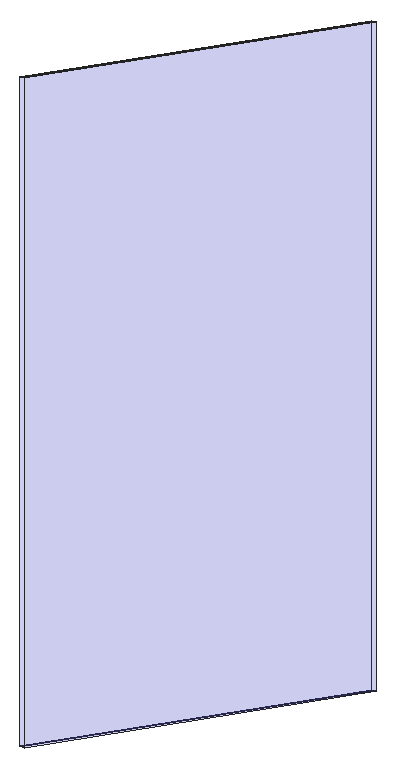
Revit family "난간동자 패널 - 유리", category 난간동자, Revit 2026
Family settings
  항상 수직 = 예
  로드될 때 보이드를 사용하여 절단 = 아니오
  공유 = 아니오
Parameters (values of type "600mm(25mm 측면 간격)")
  built-in parameter 1008623 [instance] = (empty or 0)
  두께 [instance] = 6 mm
  built-in parameter 1008625 [instance] = 18.00°
  Post = no
  패널 상단 간격 = 0 mm
  패널 재료 = 유리
  폭 [instance] = 600 mm
  패널 측면 간격 = 25 mm
  패널 하단 간격 = 0 mm
  built-in parameter 1008624 [instance] = (empty or 0)
  built-in parameter 1008622 [instance] = 750 mm
Types (4, lengths in mm): name | 패널 상단 간격 | 폭 | 패널 측면 간격 | 패널 하단 간격
  (no name) | 0 | 600 | 25 | 0
  600mm(25mm 측면 간격) | 0 | 600 | 25 | 0
  450mm(25mm 측면 간격) | 0 | 450 | 25 | 0
  600mm(25mm 상단 및 하단 간격) | 25 | 600 | 0 | 25
Reference planes
  plane 1 "중심(앞/뒤)": y = 0
  plane 2: z = 0
  plane 3 "중심(왼쪽/오른쪽)": x = 3.175
  plane 4 "상단": z = 750
  plane 5 "경사 각도(상단)": through (0, 220.419, 678.381) normal (0, -0.309, -0.9511)
  plane 6 "경사 각도(하단)": through (0, 0, 0) normal (0, -0.309, -0.9511)
  plane 7 "앞면": y = 300
  plane 8 "뒤로": y = -300
  plane 9: x = 0.175
  plane 10: x = 6.175
Forms (mm)
  Extrusion 1, solid, material "유리" <- "패널 재료"
    sketch origin (3.175, 0, 0) x (0, 1, 0) y (0, 0, 1)
      loop
        line (275, -89.353) -> (275, 660.647) -> (-275, 839.353) -> (-275, 89.353) -> (275, -89.353)
    from -3 to 3
Lines and regions (mm)
  model lines, style "InvisibleLines"
    curve 1: line (3.175, 300, 652.524) -> (3.175, -300, 847.476)
    curve 2: line (3.175, 300, -97.476) -> (3.175, -300, 97.476)
    curve 3: line (3.175, 275, -89.353) -> (3.175, 275, 660.647)
    curve 4: line (3.175, -275, 89.353) -> (3.175, -275, 839.353)
Text (mm)
  text "난간동자 패널 입면도" at (0, 1279.138, 1234.25), in view "왼쪽"
Dimensions and locks
  "built-in parameter 1008622": plane 2 to plane 4 "상단"
  "폭": plane 8 "뒤로" to plane 7 "앞면"
  equal spacing: plane 8 "뒤로", plane 1 "중심(앞/뒤)", plane 7 "앞면"
  "두께": plane 9 to plane 10
  equal spacing: plane 9, plane 3 "중심(왼쪽/오른쪽)", plane 10
  "패널 상단 간격": curve 1 to plane 5 "경사 각도(상단)"  (x2)
  "패널 하단 간격": plane 6 "경사 각도(하단)" to curve 2  (x2)
  "패널 측면 간격": plane 7 "앞면" to curve 3  (x2)
  "패널 측면 간격": curve 4 to plane 8 "뒤로"  (x2)
  "built-in parameter 1008625": angle plane 4 "상단" to plane 5 "경사 각도(상단)"
  "built-in parameter 1008625": angle level to plane 6 "경사 각도(하단)"
  aligned and locked: plane 9 to Extrusion 1
  aligned and locked: Extrusion 1 to plane 10
  aligned and locked: plane 8 "뒤로" to curve 2
  aligned and locked: plane 7 "앞면" to curve 2
  aligned and locked: plane 5 "경사 각도(상단)" to curve 4
  aligned and locked: plane 6 "경사 각도(하단)" to curve 4
  aligned and locked: plane 5 "경사 각도(상단)" to curve 3
  aligned and locked: plane 6 "경사 각도(하단)" to curve 3
  aligned and locked: curve 1 to Extrusion 1 sketch curve
  aligned and locked: Extrusion 1 sketch curve to curve 2
  aligned and locked: Extrusion 1 sketch curve to curve 4
  aligned and locked: curve 3 to Extrusion 1 sketch curve
Automatic sketch dimensions
  curve 1 to plane 7 "앞면" = 0 mm
  curve 1 to plane 8 "뒤로" = 0 mm
